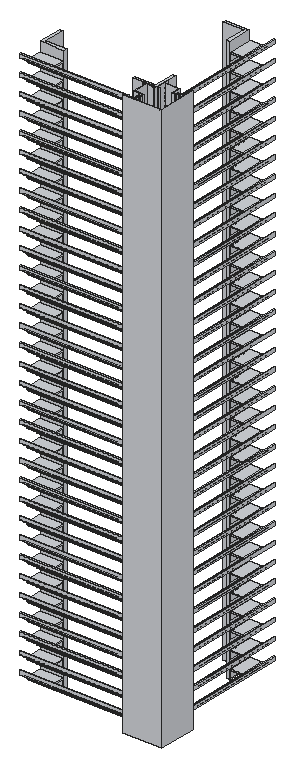
Revit family "ES-EL-2 (Box Corner)", category Mechanical Equipment, Revit 2015 (continued)
Automatic sketch dimensions
  Extrusion 11 sketch curve to Extrusion 11 sketch curve = 0' - 0.01694"
  Extrusion 11 sketch curve to Extrusion 11 sketch curve = 0' - 0.06256"
  Extrusion 11 sketch curve to Extrusion 11 sketch curve = 0' - 0.06379"
  Extrusion 11 sketch curve to Extrusion 11 sketch curve = 0' - 0.06947"
  Extrusion 11 sketch curve to Extrusion 11 sketch curve = 0' - 0.00615"
  Extrusion 11 sketch curve to Extrusion 11 sketch curve = 0' - 0.0107"
  Extrusion 11 sketch curve to Extrusion 11 sketch curve = 0' - 0.06383"
  Extrusion 11 sketch curve to Extrusion 11 sketch curve = 0' - 0.00524"
  Extrusion 11 sketch curve to Extrusion 11 sketch curve = 0' - 0.05333"
  Extrusion 11 sketch curve to Extrusion 11 sketch curve = 0' - 0.02167"
  Extrusion 11 sketch curve to Extrusion 11 sketch curve = 0' - 0.06255"
  Extrusion 11 sketch curve to Extrusion 11 sketch curve = 0' - 0.01996"
  Extrusion 11 sketch curve to Extrusion 11 sketch curve = 0' - 0.07389"
  Extrusion 11 sketch curve to Extrusion 11 sketch curve = 0' - 0.08882"
  Extrusion 11 sketch curve to Extrusion 11 sketch curve = 0' - 0.14048"
  Extrusion 11 sketch curve to Extrusion 11 sketch curve = 0' - 0.13587"
  Extrusion 11 sketch curve to Extrusion 11 sketch curve = 0' - 0.03118"
  Extrusion 11 sketch curve to Extrusion 11 sketch curve = 0' - 0.07571"
  Extrusion 11 sketch curve to Extrusion 11 sketch curve = 0' - 0.01536"
  Extrusion 11 sketch curve to Extrusion 11 sketch curve = 0' - 0.04056"
  Extrusion 11 sketch curve to Extrusion 11 sketch curve = 0' - 0.01509"
  Extrusion 11 sketch curve to Extrusion 11 sketch curve = 0' - 0.03469"
  Extrusion 11 sketch curve to Extrusion 11 sketch curve = 0' - 0.06126"
  Extrusion 11 sketch curve to Extrusion 11 sketch curve = 0' - 0.11488"
  Extrusion 11 sketch curve to Extrusion 11 sketch curve = 0' - 0.04313"
  Extrusion 11 sketch curve to Extrusion 11 sketch curve = 0' - 0.03758"
  Extrusion 11 sketch curve to Extrusion 11 sketch curve = 0' - 0.00683"
  Extrusion 11 sketch curve to Extrusion 11 sketch curve = 0' - 0.05466"
  Extrusion 11 sketch curve to Extrusion 11 sketch curve = 0' - 0.08634"
  Extrusion 11 sketch curve to Extrusion 11 sketch curve = 0' - 0.0603"
  Extrusion 11 sketch curve to Extrusion 11 sketch curve = 0' - 0.05923"
  Extrusion 11 sketch curve to Extrusion 11 sketch curve = 0' - 0.03824"
  Extrusion 11 sketch curve to Extrusion 11 sketch curve = 0' - 0.02856"
  Extrusion 11 sketch curve to Extrusion 11 sketch curve = 0' - 0.01716"
  Extrusion 11 sketch curve to Extrusion 11 sketch curve = 0' - 0.08747"
  Extrusion 11 sketch curve to Extrusion 11 sketch curve = 0' - 0.01878"
  Extrusion 11 sketch curve to Extrusion 11 sketch curve = 0' - 0.03113"
  Extrusion 11 sketch curve to Extrusion 11 sketch curve = 0' - 0.06323"
  Extrusion 11 sketch curve to Extrusion 11 sketch curve = 0' - 0.04564"
  Extrusion 11 sketch curve to Extrusion 11 sketch curve = 0' - 0.03681"
  Extrusion 11 sketch curve to Extrusion 11 sketch curve = 0' - 0.00656"
  Extrusion 11 sketch curve to Extrusion 11 sketch curve = 0' - 0.04106"
  Extrusion 11 sketch curve to Extrusion 11 sketch curve = 0' - 0.04775"
  Extrusion 11 sketch curve to Extrusion 11 sketch curve = 0' - 0.03768"
  Extrusion 11 sketch curve to Extrusion 11 sketch curve = 0' - 0.03841"
  Extrusion 11 sketch curve to Extrusion 11 sketch curve = 0' - 0.03993"
  Extrusion 11 sketch curve to Extrusion 11 sketch curve = 0' - 0.01637"
  Extrusion 11 sketch curve to Extrusion 11 sketch curve = 0' - 0 1/8"
  Extrusion 11 sketch curve to Extrusion 11 sketch curve = 0' - 0.03201"
  Extrusion 11 sketch curve to Extrusion 11 sketch curve = 0' - 0.01218"
  Extrusion 11 sketch curve to Extrusion 11 sketch curve = 0' - 0.00093"
  Extrusion 11 sketch curve to Extrusion 11 sketch curve = 0' - 0.06293"
  Extrusion 11 sketch curve to Extrusion 11 sketch curve = 0' - 0.01359"
  Extrusion 11 sketch curve to Extrusion 11 sketch curve = 0' - 0.06169"
  Extrusion 11 sketch curve to Extrusion 11 sketch curve = 0' - 0.06257"
  Extrusion 11 sketch curve to Extrusion 11 sketch curve = 0' - 0.20021"
  Extrusion 11 sketch curve to Extrusion 11 sketch curve = 0' - 0.05817"
  Extrusion 11 sketch curve to Extrusion 11 sketch curve = 0' - 0.14616"
  Extrusion 11 sketch curve to Extrusion 11 sketch curve = 0' - 0.28177"
  Extrusion 11 sketch curve to Extrusion 11 sketch curve = 0' - 0.11395"
  Extrusion 11 sketch curve to Extrusion 11 sketch curve = 0' - 0.02803"
  Extrusion 11 sketch curve to Extrusion 11 sketch curve = 0' - 0.04285"
  Extrusion 11 sketch curve to Extrusion 11 sketch curve = 0' - 0.05082"
  Extrusion 11 sketch curve to Extrusion 11 sketch curve = 0' - 0.04592"
  Extrusion 11 sketch curve to Extrusion 11 sketch curve = 0' - 0.05616"
  Extrusion 11 sketch curve to Extrusion 11 sketch curve = 0' - 0.04871"
  Extrusion 12 sketch curve to Extrusion 12 sketch curve = 0' - 0.059"
  Extrusion 12 sketch curve to Extrusion 12 sketch curve = 0' - 0.09455"
  Extrusion 12 sketch curve to Extrusion 12 sketch curve = 0' - 0.16713"
  Extrusion 12 sketch curve to Extrusion 12 sketch curve = 0' - 0.10396"
  Extrusion 12 sketch curve to Extrusion 12 sketch curve = 0' - 0.04188"
  Extrusion 12 sketch curve to Extrusion 12 sketch curve = 0' - 0.07328"
  Extrusion 12 sketch curve to Extrusion 12 sketch curve = 0' - 0.03705"
  Extrusion 12 sketch curve to Extrusion 12 sketch curve = 0' - 0.06678"
  Extrusion 12 sketch curve to Extrusion 12 sketch curve = 0' - 0.03441"
  Extrusion 12 sketch curve to Extrusion 12 sketch curve = 0' - 0.08971"
  Extrusion 12 sketch curve to Extrusion 12 sketch curve = 0' - 0.06591"
  Extrusion 12 sketch curve to Extrusion 12 sketch curve = 0' - 0.02101"
  Extrusion 12 sketch curve to Extrusion 12 sketch curve = 0' - 0.08093"
  Extrusion 12 sketch curve to Extrusion 12 sketch curve = 0' - 0.0092"
  Extrusion 12 sketch curve to Extrusion 12 sketch curve = 0' - 0.0249"
  Extrusion 12 sketch curve to Extrusion 12 sketch curve = 0' - 0.04679"
  Extrusion 12 sketch curve to Extrusion 12 sketch curve = 0' - 0.04475"
  Extrusion 12 sketch curve to Extrusion 12 sketch curve = 0' - 0.03472"
  Extrusion 12 sketch curve to Extrusion 12 sketch curve = 0' - 0.04794"
  Extrusion 12 sketch curve to Extrusion 12 sketch curve = 0' - 0.09251"
  Extrusion 12 sketch curve to Extrusion 12 sketch curve = 0' - 0.01641"
  Extrusion 12 sketch curve to Extrusion 12 sketch curve = 0' - 0.10787"
  Extrusion 12 sketch curve to Extrusion 12 sketch curve = 0' - 0.07052"
  Extrusion 12 sketch curve to Extrusion 12 sketch curve = 0' - 0.02971"
  Extrusion 12 sketch curve to Extrusion 12 sketch curve = 0' - 0.03652"
  Extrusion 12 sketch curve to Extrusion 12 sketch curve = 0' - 0.06407"
  Extrusion 12 sketch curve to Extrusion 12 sketch curve = 0' - 0.0028"
  Extrusion 12 sketch curve to Extrusion 12 sketch curve = 0' - 0.17908"
  Extrusion 12 sketch curve to Extrusion 12 sketch curve = 0' - 0.0484"
  Extrusion 12 sketch curve to Extrusion 12 sketch curve = 0' - 0.00685"
  Extrusion 12 sketch curve to Extrusion 12 sketch curve = 0' - 0.02635"
  Extrusion 12 sketch curve to Extrusion 12 sketch curve = 0' - 0.03989"
  Extrusion 12 sketch curve to Extrusion 12 sketch curve = 0' - 0.07851"
  Extrusion 12 sketch curve to Extrusion 12 sketch curve = 0' - 0.04274"
  Extrusion 12 sketch curve to Extrusion 12 sketch curve = 0' - 0.05351"
  Extrusion 12 sketch curve to Extrusion 12 sketch curve = 0' - 0.13725"
  Extrusion 12 sketch curve to Extrusion 12 sketch curve = 0' - 0.01694"
  Extrusion 12 sketch curve to Extrusion 12 sketch curve = 0' - 0.06256"
  Extrusion 12 sketch curve to Extrusion 12 sketch curve = 0' - 0.06379"
  Extrusion 12 sketch curve to Extrusion 12 sketch curve = 0' - 0.06947"
  Extrusion 12 sketch curve to Extrusion 12 sketch curve = 0' - 0.00615"
  Extrusion 12 sketch curve to Extrusion 12 sketch curve = 0' - 0.0107"
  Extrusion 12 sketch curve to Extrusion 12 sketch curve = 0' - 0.06383"
  Extrusion 12 sketch curve to Extrusion 12 sketch curve = 0' - 0.00524"
  Extrusion 12 sketch curve to Extrusion 12 sketch curve = 0' - 0.05333"
  Extrusion 12 sketch curve to Extrusion 12 sketch curve = 0' - 0.02167"
  Extrusion 12 sketch curve to Extrusion 12 sketch curve = 0' - 0.06255"
  Extrusion 12 sketch curve to Extrusion 12 sketch curve = 0' - 0.01996"
  Extrusion 12 sketch curve to Extrusion 12 sketch curve = 0' - 0.07389"
  Extrusion 12 sketch curve to Extrusion 12 sketch curve = 0' - 0.08882"
  Extrusion 12 sketch curve to Extrusion 12 sketch curve = 0' - 0.14048"
  Extrusion 12 sketch curve to Extrusion 12 sketch curve = 0' - 0.13587"
  Extrusion 12 sketch curve to Extrusion 12 sketch curve = 0' - 0.03118"
  Extrusion 12 sketch curve to Extrusion 12 sketch curve = 0' - 0.07571"
  Extrusion 12 sketch curve to Extrusion 12 sketch curve = 0' - 0.01536"
  Extrusion 12 sketch curve to Extrusion 12 sketch curve = 0' - 0.04056"
  Extrusion 12 sketch curve to Extrusion 12 sketch curve = 0' - 0.01509"
  Extrusion 12 sketch curve to Extrusion 12 sketch curve = 0' - 0.03469"
  Extrusion 12 sketch curve to Extrusion 12 sketch curve = 0' - 0.06126"
  Extrusion 12 sketch curve to Extrusion 12 sketch curve = 0' - 0.11488"
  Extrusion 12 sketch curve to Extrusion 12 sketch curve = 0' - 0.04313"
  Extrusion 12 sketch curve to Extrusion 12 sketch curve = 0' - 0.03758"
  Extrusion 12 sketch curve to Extrusion 12 sketch curve = 0' - 0.00683"
  Extrusion 12 sketch curve to Extrusion 12 sketch curve = 0' - 0.05466"
  Extrusion 12 sketch curve to Extrusion 12 sketch curve = 0' - 0.08634"
  Extrusion 12 sketch curve to Extrusion 12 sketch curve = 0' - 0.0603"
  Extrusion 12 sketch curve to Extrusion 12 sketch curve = 0' - 0.05923"
  Extrusion 12 sketch curve to Extrusion 12 sketch curve = 0' - 0.03824"
  Extrusion 12 sketch curve to Extrusion 12 sketch curve = 0' - 0.02856"
  Extrusion 12 sketch curve to Extrusion 12 sketch curve = 0' - 0.01716"
  Extrusion 12 sketch curve to Extrusion 12 sketch curve = 0' - 0.08747"
  Extrusion 12 sketch curve to Extrusion 12 sketch curve = 0' - 0.01878"
  Extrusion 12 sketch curve to Extrusion 12 sketch curve = 0' - 0.03113"
  Extrusion 12 sketch curve to Extrusion 12 sketch curve = 0' - 0.06323"
  Extrusion 12 sketch curve to Extrusion 12 sketch curve = 0' - 0.04564"
  Extrusion 12 sketch curve to Extrusion 12 sketch curve = 0' - 0.03681"
  Extrusion 12 sketch curve to Extrusion 12 sketch curve = 0' - 0.00656"
  Extrusion 12 sketch curve to Extrusion 12 sketch curve = 0' - 0.04106"
  Extrusion 12 sketch curve to Extrusion 12 sketch curve = 0' - 0.04775"
  Extrusion 12 sketch curve to Extrusion 12 sketch curve = 0' - 0.03768"
  Extrusion 12 sketch curve to Extrusion 12 sketch curve = 0' - 0.03841"
  Extrusion 12 sketch curve to Extrusion 12 sketch curve = 0' - 0.03993"
  Extrusion 12 sketch curve to Extrusion 12 sketch curve = 0' - 0.01637"
  Extrusion 12 sketch curve to Extrusion 12 sketch curve = 0' - 0 1/8"
  Extrusion 12 sketch curve to Extrusion 12 sketch curve = 0' - 0.03201"
  Extrusion 12 sketch curve to Extrusion 12 sketch curve = 0' - 0.01218"
  Extrusion 12 sketch curve to Extrusion 12 sketch curve = 0' - 0.00093"
  Extrusion 12 sketch curve to Extrusion 12 sketch curve = 0' - 0.06293"
  Extrusion 12 sketch curve to Extrusion 12 sketch curve = 0' - 0.01359"
  Extrusion 12 sketch curve to Extrusion 12 sketch curve = 0' - 0.06169"
  Extrusion 12 sketch curve to Extrusion 12 sketch curve = 0' - 0.06257"
  Extrusion 12 sketch curve to Extrusion 12 sketch curve = 0' - 0.20021"
  Extrusion 12 sketch curve to Extrusion 12 sketch curve = 0' - 0.05817"
  Extrusion 12 sketch curve to Extrusion 12 sketch curve = 0' - 0.14616"
  Extrusion 12 sketch curve to Extrusion 12 sketch curve = 0' - 0.28177"
  Extrusion 12 sketch curve to Extrusion 12 sketch curve = 0' - 0.11395"
  Extrusion 12 sketch curve to Extrusion 12 sketch curve = 0' - 0.02803"
  Extrusion 12 sketch curve to Extrusion 12 sketch curve = 0' - 0.04285"
  Extrusion 12 sketch curve to Extrusion 12 sketch curve = 0' - 0.05082"
  Extrusion 12 sketch curve to Extrusion 12 sketch curve = 0' - 0.04592"
  Extrusion 12 sketch curve to Extrusion 12 sketch curve = 0' - 0.05616"
  Extrusion 12 sketch curve to Extrusion 12 sketch curve = 0' - 0.04871"
  Extrusion 13 sketch curve to Extrusion 13 sketch curve = 0' - 0.059"
  Extrusion 13 sketch curve to Extrusion 13 sketch curve = 0' - 0.09455"
  Extrusion 13 sketch curve to Extrusion 13 sketch curve = 0' - 0.16713"
  Extrusion 13 sketch curve to Extrusion 13 sketch curve = 0' - 0.10396"
  Extrusion 13 sketch curve to Extrusion 13 sketch curve = 0' - 0.04188"
  Extrusion 13 sketch curve to Extrusion 13 sketch curve = 0' - 0.07328"
  Extrusion 13 sketch curve to Extrusion 13 sketch curve = 0' - 0.03705"
  Extrusion 13 sketch curve to Extrusion 13 sketch curve = 0' - 0.06678"
  Extrusion 13 sketch curve to Extrusion 13 sketch curve = 0' - 0.03441"
  Extrusion 13 sketch curve to Extrusion 13 sketch curve = 0' - 0.08971"
  Extrusion 13 sketch curve to Extrusion 13 sketch curve = 0' - 0.06591"
  Extrusion 13 sketch curve to Extrusion 13 sketch curve = 0' - 0.02101"
  Extrusion 13 sketch curve to Extrusion 13 sketch curve = 0' - 0.08093"
  Extrusion 13 sketch curve to Extrusion 13 sketch curve = 0' - 0.0092"
  Extrusion 13 sketch curve to Extrusion 13 sketch curve = 0' - 0.0249"
  Extrusion 13 sketch curve to Extrusion 13 sketch curve = 0' - 0.04679"
  Extrusion 13 sketch curve to Extrusion 13 sketch curve = 0' - 0.04475"
  Extrusion 13 sketch curve to Extrusion 13 sketch curve = 0' - 0.03472"
  Extrusion 13 sketch curve to Extrusion 13 sketch curve = 0' - 0.04794"
  Extrusion 13 sketch curve to Extrusion 13 sketch curve = 0' - 0.09251"
  Extrusion 13 sketch curve to Extrusion 13 sketch curve = 0' - 0.01641"
  Extrusion 13 sketch curve to Extrusion 13 sketch curve = 0' - 0.10787"
  Extrusion 13 sketch curve to Extrusion 13 sketch curve = 0' - 0.07052"
  Extrusion 13 sketch curve to Extrusion 13 sketch curve = 0' - 0.02971"
  Extrusion 13 sketch curve to Extrusion 13 sketch curve = 0' - 0.03652"
  Extrusion 13 sketch curve to Extrusion 13 sketch curve = 0' - 0.06407"
  Extrusion 13 sketch curve to Extrusion 13 sketch curve = 0' - 0.0028"
  Extrusion 13 sketch curve to Extrusion 13 sketch curve = 0' - 0.17908"
  Extrusion 13 sketch curve to Extrusion 13 sketch curve = 0' - 0.0484"
  Extrusion 13 sketch curve to Extrusion 13 sketch curve = 0' - 0.00685"
  Extrusion 13 sketch curve to Extrusion 13 sketch curve = 0' - 0.02635"
  Extrusion 13 sketch curve to Extrusion 13 sketch curve = 0' - 0.03989"
  Extrusion 13 sketch curve to Extrusion 13 sketch curve = 0' - 0.07851"
  Extrusion 13 sketch curve to Extrusion 13 sketch curve = 0' - 0.04274"
  Extrusion 13 sketch curve to Extrusion 13 sketch curve = 0' - 0.05351"
  Extrusion 13 sketch curve to Extrusion 13 sketch curve = 0' - 0.13725"
  Extrusion 13 sketch curve to Extrusion 13 sketch curve = 0' - 0.01694"
  Extrusion 13 sketch curve to Extrusion 13 sketch curve = 0' - 0.06256"
  Extrusion 13 sketch curve to Extrusion 13 sketch curve = 0' - 0.06379"
  Extrusion 13 sketch curve to Extrusion 13 sketch curve = 0' - 0.06947"
  Extrusion 13 sketch curve to Extrusion 13 sketch curve = 0' - 0.00615"
  Extrusion 13 sketch curve to Extrusion 13 sketch curve = 0' - 0.0107"
  Extrusion 13 sketch curve to Extrusion 13 sketch curve = 0' - 0.06383"
  Extrusion 13 sketch curve to Extrusion 13 sketch curve = 0' - 0.00524"
  Extrusion 13 sketch curve to Extrusion 13 sketch curve = 0' - 0.05333"
  Extrusion 13 sketch curve to Extrusion 13 sketch curve = 0' - 0.02167"
  Extrusion 13 sketch curve to Extrusion 13 sketch curve = 0' - 0.06255"
  Extrusion 13 sketch curve to Extrusion 13 sketch curve = 0' - 0.01996"
  Extrusion 13 sketch curve to Extrusion 13 sketch curve = 0' - 0.07389"
  Extrusion 13 sketch curve to Extrusion 13 sketch curve = 0' - 0.08882"
  Extrusion 13 sketch curve to Extrusion 13 sketch curve = 0' - 0.14048"
  Extrusion 13 sketch curve to Extrusion 13 sketch curve = 0' - 0.13587"
  Extrusion 13 sketch curve to Extrusion 13 sketch curve = 0' - 0.03118"
  Extrusion 13 sketch curve to Extrusion 13 sketch curve = 0' - 0.07571"
  Extrusion 13 sketch curve to Extrusion 13 sketch curve = 0' - 0.01536"
  Extrusion 13 sketch curve to Extrusion 13 sketch curve = 0' - 0.04056"
  Extrusion 13 sketch curve to Extrusion 13 sketch curve = 0' - 0.01509"
  Extrusion 13 sketch curve to Extrusion 13 sketch curve = 0' - 0.03469"
  Extrusion 13 sketch curve to Extrusion 13 sketch curve = 0' - 0.06126"
  Extrusion 13 sketch curve to Extrusion 13 sketch curve = 0' - 0.11488"
  Extrusion 13 sketch curve to Extrusion 13 sketch curve = 0' - 0.04313"
  Extrusion 13 sketch curve to Extrusion 13 sketch curve = 0' - 0.03758"
  Extrusion 13 sketch curve to Extrusion 13 sketch curve = 0' - 0.00683"
  Extrusion 13 sketch curve to Extrusion 13 sketch curve = 0' - 0.05466"
  Extrusion 13 sketch curve to Extrusion 13 sketch curve = 0' - 0.08634"
  Extrusion 13 sketch curve to Extrusion 13 sketch curve = 0' - 0.0603"
  Extrusion 13 sketch curve to Extrusion 13 sketch curve = 0' - 0.05923"
  Extrusion 13 sketch curve to Extrusion 13 sketch curve = 0' - 0.03824"
  Extrusion 13 sketch curve to Extrusion 13 sketch curve = 0' - 0.02856"
  Extrusion 13 sketch curve to Extrusion 13 sketch curve = 0' - 0.01716"
  Extrusion 13 sketch curve to Extrusion 13 sketch curve = 0' - 0.08747"
  Extrusion 13 sketch curve to Extrusion 13 sketch curve = 0' - 0.01878"
  Extrusion 13 sketch curve to Extrusion 13 sketch curve = 0' - 0.03113"
  Extrusion 13 sketch curve to Extrusion 13 sketch curve = 0' - 0.06323"
  Extrusion 13 sketch curve to Extrusion 13 sketch curve = 0' - 0.04564"
  Extrusion 13 sketch curve to Extrusion 13 sketch curve = 0' - 0.03681"
  Extrusion 13 sketch curve to Extrusion 13 sketch curve = 0' - 0.00656"
  Extrusion 13 sketch curve to Extrusion 13 sketch curve = 0' - 0.04106"
  Extrusion 13 sketch curve to Extrusion 13 sketch curve = 0' - 0.04775"
  Extrusion 13 sketch curve to Extrusion 13 sketch curve = 0' - 0.03768"
  Extrusion 13 sketch curve to Extrusion 13 sketch curve = 0' - 0.03841"
  Extrusion 13 sketch curve to Extrusion 13 sketch curve = 0' - 0.03993"
  Extrusion 13 sketch curve to Extrusion 13 sketch curve = 0' - 0.01637"
  Extrusion 13 sketch curve to Extrusion 13 sketch curve = 0' - 0 1/8"
  Extrusion 13 sketch curve to Extrusion 13 sketch curve = 0' - 0.03201"
  Extrusion 13 sketch curve to Extrusion 13 sketch curve = 0' - 0.01218"
  Extrusion 13 sketch curve to Extrusion 13 sketch curve = 0' - 0.00093"
  Extrusion 13 sketch curve to Extrusion 13 sketch curve = 0' - 0.06293"
  Extrusion 13 sketch curve to Extrusion 13 sketch curve = 0' - 0.01359"
  Extrusion 13 sketch curve to Extrusion 13 sketch curve = 0' - 0.06169"
  Extrusion 13 sketch curve to Extrusion 13 sketch curve = 0' - 0.06257"
  Extrusion 13 sketch curve to Extrusion 13 sketch curve = 0' - 0.20021"
  Extrusion 13 sketch curve to Extrusion 13 sketch curve = 0' - 0.05817"
  Extrusion 13 sketch curve to Extrusion 13 sketch curve = 0' - 0.14616"
  Extrusion 13 sketch curve to Extrusion 13 sketch curve = 0' - 0.28177"
  Extrusion 13 sketch curve to Extrusion 13 sketch curve = 0' - 0.11395"
  Extrusion 13 sketch curve to Extrusion 13 sketch curve = 0' - 0.02803"
  Extrusion 13 sketch curve to Extrusion 13 sketch curve = 0' - 0.04285"
  Extrusion 13 sketch curve to Extrusion 13 sketch curve = 0' - 0.05082"
  Extrusion 13 sketch curve to Extrusion 13 sketch curve = 0' - 0.04592"
  Extrusion 13 sketch curve to Extrusion 13 sketch curve = 0' - 0.05616"
  Extrusion 13 sketch curve to Extrusion 13 sketch curve = 0' - 0.04871"
  Extrusion 14 sketch curve to Extrusion 14 sketch curve = 0' - 0.059"
  Extrusion 14 sketch curve to Extrusion 14 sketch curve = 0' - 0.09455"
  Extrusion 14 sketch curve to Extrusion 14 sketch curve = 0' - 0.16713"
  Extrusion 14 sketch curve to Extrusion 14 sketch curve = 0' - 0.10396"
  Extrusion 14 sketch curve to Extrusion 14 sketch curve = 0' - 0.04188"
  Extrusion 14 sketch curve to Extrusion 14 sketch curve = 0' - 0.07328"
  Extrusion 14 sketch curve to Extrusion 14 sketch curve = 0' - 0.03705"
  Extrusion 14 sketch curve to Extrusion 14 sketch curve = 0' - 0.06678"
  Extrusion 14 sketch curve to Extrusion 14 sketch curve = 0' - 0.03441"
  Extrusion 14 sketch curve to Extrusion 14 sketch curve = 0' - 0.08971"
  Extrusion 14 sketch curve to Extrusion 14 sketch curve = 0' - 0.06591"
  Extrusion 14 sketch curve to Extrusion 14 sketch curve = 0' - 0.02101"
  Extrusion 14 sketch curve to Extrusion 14 sketch curve = 0' - 0.08093"
  Extrusion 14 sketch curve to Extrusion 14 sketch curve = 0' - 0.0092"
  Extrusion 14 sketch curve to Extrusion 14 sketch curve = 0' - 0.0249"
  Extrusion 14 sketch curve to Extrusion 14 sketch curve = 0' - 0.04679"
  Extrusion 14 sketch curve to Extrusion 14 sketch curve = 0' - 0.04475"
  Extrusion 14 sketch curve to Extrusion 14 sketch curve = 0' - 0.03472"
  Extrusion 14 sketch curve to Extrusion 14 sketch curve = 0' - 0.04794"
  Extrusion 14 sketch curve to Extrusion 14 sketch curve = 0' - 0.09251"
  Extrusion 14 sketch curve to Extrusion 14 sketch curve = 0' - 0.01641"
  Extrusion 14 sketch curve to Extrusion 14 sketch curve = 0' - 0.10787"
  Extrusion 14 sketch curve to Extrusion 14 sketch curve = 0' - 0.07052"
  Extrusion 14 sketch curve to Extrusion 14 sketch curve = 0' - 0.02971"
  Extrusion 14 sketch curve to Extrusion 14 sketch curve = 0' - 0.03652"
  Extrusion 14 sketch curve to Extrusion 14 sketch curve = 0' - 0.06407"
  Extrusion 14 sketch curve to Extrusion 14 sketch curve = 0' - 0.0028"
  Extrusion 14 sketch curve to Extrusion 14 sketch curve = 0' - 0.17908"
  Extrusion 14 sketch curve to Extrusion 14 sketch curve = 0' - 0.0484"
  Extrusion 14 sketch curve to Extrusion 14 sketch curve = 0' - 0.00685"
  Extrusion 14 sketch curve to Extrusion 14 sketch curve = 0' - 0.02635"
  Extrusion 14 sketch curve to Extrusion 14 sketch curve = 0' - 0.03989"
  Extrusion 14 sketch curve to Extrusion 14 sketch curve = 0' - 0.07851"
  Extrusion 14 sketch curve to Extrusion 14 sketch curve = 0' - 0.04274"
  Extrusion 14 sketch curve to Extrusion 14 sketch curve = 0' - 0.05351"
  Extrusion 14 sketch curve to Extrusion 14 sketch curve = 0' - 0.13725"
  Extrusion 14 sketch curve to Extrusion 14 sketch curve = 0' - 0.01694"
  Extrusion 14 sketch curve to Extrusion 14 sketch curve = 0' - 0.06256"
  Extrusion 14 sketch curve to Extrusion 14 sketch curve = 0' - 0.06379"
  Extrusion 14 sketch curve to Extrusion 14 sketch curve = 0' - 0.06947"
  Extrusion 14 sketch curve to Extrusion 14 sketch curve = 0' - 0.00615"
  Extrusion 14 sketch curve to Extrusion 14 sketch curve = 0' - 0.0107"
  Extrusion 14 sketch curve to Extrusion 14 sketch curve = 0' - 0.06383"
  Extrusion 14 sketch curve to Extrusion 14 sketch curve = 0' - 0.00524"
  Extrusion 14 sketch curve to Extrusion 14 sketch curve = 0' - 0.05333"
  Extrusion 14 sketch curve to Extrusion 14 sketch curve = 0' - 0.02167"
  Extrusion 14 sketch curve to Extrusion 14 sketch curve = 0' - 0.06255"
  Extrusion 14 sketch curve to Extrusion 14 sketch curve = 0' - 0.01996"
  Extrusion 14 sketch curve to Extrusion 14 sketch curve = 0' - 0.07389"
  Extrusion 14 sketch curve to Extrusion 14 sketch curve = 0' - 0.08882"
  Extrusion 14 sketch curve to Extrusion 14 sketch curve = 0' - 0.14048"
  Extrusion 14 sketch curve to Extrusion 14 sketch curve = 0' - 0.13587"
  Extrusion 14 sketch curve to Extrusion 14 sketch curve = 0' - 0.03118"
  Extrusion 14 sketch curve to Extrusion 14 sketch curve = 0' - 0.07571"
  Extrusion 14 sketch curve to Extrusion 14 sketch curve = 0' - 0.01536"
  Extrusion 14 sketch curve to Extrusion 14 sketch curve = 0' - 0.04056"
  Extrusion 14 sketch curve to Extrusion 14 sketch curve = 0' - 0.01509"
  Extrusion 14 sketch curve to Extrusion 14 sketch curve = 0' - 0.03469"
  Extrusion 14 sketch curve to Extrusion 14 sketch curve = 0' - 0.06126"
  Extrusion 14 sketch curve to Extrusion 14 sketch curve = 0' - 0.11488"
  Extrusion 14 sketch curve to Extrusion 14 sketch curve = 0' - 0.04313"
  Extrusion 14 sketch curve to Extrusion 14 sketch curve = 0' - 0.03758"
  Extrusion 14 sketch curve to Extrusion 14 sketch curve = 0' - 0.00683"
  Extrusion 14 sketch curve to Extrusion 14 sketch curve = 0' - 0.05466"
  Extrusion 14 sketch curve to Extrusion 14 sketch curve = 0' - 0.08634"
  Extrusion 14 sketch curve to Extrusion 14 sketch curve = 0' - 0.0603"
  Extrusion 14 sketch curve to Extrusion 14 sketch curve = 0' - 0.05923"
  Extrusion 14 sketch curve to Extrusion 14 sketch curve = 0' - 0.03824"
  Extrusion 14 sketch curve to Extrusion 14 sketch curve = 0' - 0.02856"
  Extrusion 14 sketch curve to Extrusion 14 sketch curve = 0' - 0.01716"
  Extrusion 14 sketch curve to Extrusion 14 sketch curve = 0' - 0.08747"
  Extrusion 14 sketch curve to Extrusion 14 sketch curve = 0' - 0.01878"
  Extrusion 14 sketch curve to Extrusion 14 sketch curve = 0' - 0.03113"
  Extrusion 14 sketch curve to Extrusion 14 sketch curve = 0' - 0.06323"
  Extrusion 14 sketch curve to Extrusion 14 sketch curve = 0' - 0.04564"
  Extrusion 14 sketch curve to Extrusion 14 sketch curve = 0' - 0.03681"
  Extrusion 14 sketch curve to Extrusion 14 sketch curve = 0' - 0.00656"
  Extrusion 14 sketch curve to Extrusion 14 sketch curve = 0' - 0.04106"
  Extrusion 14 sketch curve to Extrusion 14 sketch curve = 0' - 0.04775"
  Extrusion 14 sketch curve to Extrusion 14 sketch curve = 0' - 0.03768"
  Extrusion 14 sketch curve to Extrusion 14 sketch curve = 0' - 0.03841"
  Extrusion 14 sketch curve to Extrusion 14 sketch curve = 0' - 0.03993"
  Extrusion 14 sketch curve to Extrusion 14 sketch curve = 0' - 0.01637"
  Extrusion 14 sketch curve to Extrusion 14 sketch curve = 0' - 0 1/8"
  Extrusion 14 sketch curve to Extrusion 14 sketch curve = 0' - 0.03201"
  Extrusion 14 sketch curve to Extrusion 14 sketch curve = 0' - 0.01218"
  Extrusion 14 sketch curve to Extrusion 14 sketch curve = 0' - 0.00093"
  Extrusion 14 sketch curve to Extrusion 14 sketch curve = 0' - 0.06293"
  Extrusion 14 sketch curve to Extrusion 14 sketch curve = 0' - 0.01359"
  Extrusion 14 sketch curve to Extrusion 14 sketch curve = 0' - 0.06169"
  Extrusion 14 sketch curve to Extrusion 14 sketch curve = 0' - 0.06257"
  Extrusion 14 sketch curve to Extrusion 14 sketch curve = 0' - 0.20021"
  Extrusion 14 sketch curve to Extrusion 14 sketch curve = 0' - 0.05817"
  Extrusion 14 sketch curve to Extrusion 14 sketch curve = 0' - 0.14616"
  Extrusion 14 sketch curve to Extrusion 14 sketch curve = 0' - 0.28177"
  Extrusion 14 sketch curve to Extrusion 14 sketch curve = 0' - 0.11395"
  Extrusion 14 sketch curve to Extrusion 14 sketch curve = 0' - 0.02803"
  Extrusion 14 sketch curve to Extrusion 14 sketch curve = 0' - 0.04285"
  Extrusion 14 sketch curve to Extrusion 14 sketch curve = 0' - 0.05082"
  Extrusion 14 sketch curve to Extrusion 14 sketch curve = 0' - 0.04592"
  Extrusion 14 sketch curve to Extrusion 14 sketch curve = 0' - 0.05616"
  Extrusion 14 sketch curve to Extrusion 14 sketch curve = 0' - 0.04871"
  Extrusion 15 sketch curve to Extrusion 15 sketch curve = 0' - 0.059"
  Extrusion 15 sketch curve to Extrusion 15 sketch curve = 0' - 0.09455"
  Extrusion 15 sketch curve to Extrusion 15 sketch curve = 0' - 0.16713"
  Extrusion 15 sketch curve to Extrusion 15 sketch curve = 0' - 0.10396"
  Extrusion 15 sketch curve to Extrusion 15 sketch curve = 0' - 0.04188"
  Extrusion 15 sketch curve to Extrusion 15 sketch curve = 0' - 0.07328"
  Extrusion 15 sketch curve to Extrusion 15 sketch curve = 0' - 0.03705"
  Extrusion 15 sketch curve to Extrusion 15 sketch curve = 0' - 0.06678"
  Extrusion 15 sketch curve to Extrusion 15 sketch curve = 0' - 0.03441"
  Extrusion 15 sketch curve to Extrusion 15 sketch curve = 0' - 0.08971"
  Extrusion 15 sketch curve to Extrusion 15 sketch curve = 0' - 0.06591"
  Extrusion 15 sketch curve to Extrusion 15 sketch curve = 0' - 0.02101"
  Extrusion 15 sketch curve to Extrusion 15 sketch curve = 0' - 0.08093"
  Extrusion 15 sketch curve to Extrusion 15 sketch curve = 0' - 0.0092"
  Extrusion 15 sketch curve to Extrusion 15 sketch curve = 0' - 0.0249"
  Extrusion 15 sketch curve to Extrusion 15 sketch curve = 0' - 0.04679"
  Extrusion 15 sketch curve to Extrusion 15 sketch curve = 0' - 0.04475"
  Extrusion 15 sketch curve to Extrusion 15 sketch curve = 0' - 0.03472"
  Extrusion 15 sketch curve to Extrusion 15 sketch curve = 0' - 0.04794"
  Extrusion 15 sketch curve to Extrusion 15 sketch curve = 0' - 0.09251"
  Extrusion 15 sketch curve to Extrusion 15 sketch curve = 0' - 0.01641"
  Extrusion 15 sketch curve to Extrusion 15 sketch curve = 0' - 0.10787"
  Extrusion 15 sketch curve to Extrusion 15 sketch curve = 0' - 0.07052"
  Extrusion 15 sketch curve to Extrusion 15 sketch curve = 0' - 0.02971"
  Extrusion 15 sketch curve to Extrusion 15 sketch curve = 0' - 0.03652"
  Extrusion 15 sketch curve to Extrusion 15 sketch curve = 0' - 0.06407"
  Extrusion 15 sketch curve to Extrusion 15 sketch curve = 0' - 0.0028"
  Extrusion 15 sketch curve to Extrusion 15 sketch curve = 0' - 0.17908"
  Extrusion 15 sketch curve to Extrusion 15 sketch curve = 0' - 0.0484"
  Extrusion 15 sketch curve to Extrusion 15 sketch curve = 0' - 0.00685"
  Extrusion 15 sketch curve to Extrusion 15 sketch curve = 0' - 0.02635"
  Extrusion 15 sketch curve to Extrusion 15 sketch curve = 0' - 0.03989"
  Extrusion 15 sketch curve to Extrusion 15 sketch curve = 0' - 0.07851"
  Extrusion 15 sketch curve to Extrusion 15 sketch curve = 0' - 0.04274"
  Extrusion 15 sketch curve to Extrusion 15 sketch curve = 0' - 0.05351"
  Extrusion 15 sketch curve to Extrusion 15 sketch curve = 0' - 0.13725"
  Extrusion 15 sketch curve to Extrusion 15 sketch curve = 0' - 0.01694"
  Extrusion 15 sketch curve to Extrusion 15 sketch curve = 0' - 0.06256"
  Extrusion 15 sketch curve to Extrusion 15 sketch curve = 0' - 0.06379"
  Extrusion 15 sketch curve to Extrusion 15 sketch curve = 0' - 0.06947"
  Extrusion 15 sketch curve to Extrusion 15 sketch curve = 0' - 0.00615"
  Extrusion 15 sketch curve to Extrusion 15 sketch curve = 0' - 0.0107"
  Extrusion 15 sketch curve to Extrusion 15 sketch curve = 0' - 0.06383"
  Extrusion 15 sketch curve to Extrusion 15 sketch curve = 0' - 0.00524"
  Extrusion 15 sketch curve to Extrusion 15 sketch curve = 0' - 0.05333"
  Extrusion 15 sketch curve to Extrusion 15 sketch curve = 0' - 0.02167"
  Extrusion 15 sketch curve to Extrusion 15 sketch curve = 0' - 0.06255"
  Extrusion 15 sketch curve to Extrusion 15 sketch curve = 0' - 0.01996"
  Extrusion 15 sketch curve to Extrusion 15 sketch curve = 0' - 0.07389"
  Extrusion 15 sketch curve to Extrusion 15 sketch curve = 0' - 0.08882"
  Extrusion 15 sketch curve to Extrusion 15 sketch curve = 0' - 0.14048"
  Extrusion 15 sketch curve to Extrusion 15 sketch curve = 0' - 0.13587"
  Extrusion 15 sketch curve to Extrusion 15 sketch curve = 0' - 0.03118"
  Extrusion 15 sketch curve to Extrusion 15 sketch curve = 0' - 0.07571"
  Extrusion 15 sketch curve to Extrusion 15 sketch curve = 0' - 0.01536"
  Extrusion 15 sketch curve to Extrusion 15 sketch curve = 0' - 0.04056"
  Extrusion 15 sketch curve to Extrusion 15 sketch curve = 0' - 0.01509"
  Extrusion 15 sketch curve to Extrusion 15 sketch curve = 0' - 0.03469"
  Extrusion 15 sketch curve to Extrusion 15 sketch curve = 0' - 0.06126"
  Extrusion 15 sketch curve to Extrusion 15 sketch curve = 0' - 0.11488"
  Extrusion 15 sketch curve to Extrusion 15 sketch curve = 0' - 0.04313"
  Extrusion 15 sketch curve to Extrusion 15 sketch curve = 0' - 0.03758"
  Extrusion 15 sketch curve to Extrusion 15 sketch curve = 0' - 0.00683"
  Extrusion 15 sketch curve to Extrusion 15 sketch curve = 0' - 0.05466"
  Extrusion 15 sketch curve to Extrusion 15 sketch curve = 0' - 0.08634"
  Extrusion 15 sketch curve to Extrusion 15 sketch curve = 0' - 0.0603"
  Extrusion 15 sketch curve to Extrusion 15 sketch curve = 0' - 0.05923"
  Extrusion 15 sketch curve to Extrusion 15 sketch curve = 0' - 0.03824"
  Extrusion 15 sketch curve to Extrusion 15 sketch curve = 0' - 0.02856"
  Extrusion 15 sketch curve to Extrusion 15 sketch curve = 0' - 0.01716"
  Extrusion 15 sketch curve to Extrusion 15 sketch curve = 0' - 0.08747"
  Extrusion 15 sketch curve to Extrusion 15 sketch curve = 0' - 0.01878"
  Extrusion 15 sketch curve to Extrusion 15 sketch curve = 0' - 0.03113"
  Extrusion 15 sketch curve to Extrusion 15 sketch curve = 0' - 0.06323"
  Extrusion 15 sketch curve to Extrusion 15 sketch curve = 0' - 0.04564"
  Extrusion 15 sketch curve to Extrusion 15 sketch curve = 0' - 0.03681"
  Extrusion 15 sketch curve to Extrusion 15 sketch curve = 0' - 0.00656"
  Extrusion 15 sketch curve to Extrusion 15 sketch curve = 0' - 0.04106"
  Extrusion 15 sketch curve to Extrusion 15 sketch curve = 0' - 0.04775"
  Extrusion 15 sketch curve to Extrusion 15 sketch curve = 0' - 0.03768"
  Extrusion 15 sketch curve to Extrusion 15 sketch curve = 0' - 0.03841"
  Extrusion 15 sketch curve to Extrusion 15 sketch curve = 0' - 0.03993"
  Extrusion 15 sketch curve to Extrusion 15 sketch curve = 0' - 0.01637"
  Extrusion 15 sketch curve to Extrusion 15 sketch curve = 0' - 0 1/8"
  Extrusion 15 sketch curve to Extrusion 15 sketch curve = 0' - 0.03201"
  Extrusion 15 sketch curve to Extrusion 15 sketch curve = 0' - 0.01218"
  Extrusion 15 sketch curve to Extrusion 15 sketch curve = 0' - 0.00093"
  Extrusion 15 sketch curve to Extrusion 15 sketch curve = 0' - 0.06293"
  Extrusion 15 sketch curve to Extrusion 15 sketch curve = 0' - 0.01359"
  Extrusion 15 sketch curve to Extrusion 15 sketch curve = 0' - 0.06169"
  Extrusion 15 sketch curve to Extrusion 15 sketch curve = 0' - 0.06257"
  Extrusion 15 sketch curve to Extrusion 15 sketch curve = 0' - 0.20021"
  Extrusion 15 sketch curve to Extrusion 15 sketch curve = 0' - 0.05817"
  Extrusion 15 sketch curve to Extrusion 15 sketch curve = 0' - 0.14616"
  Extrusion 15 sketch curve to Extrusion 15 sketch curve = 0' - 0.28177"
  Extrusion 15 sketch curve to Extrusion 15 sketch curve = 0' - 0.11395"
  Extrusion 15 sketch curve to Extrusion 15 sketch curve = 0' - 0.02803"
  Extrusion 15 sketch curve to Extrusion 15 sketch curve = 0' - 0.04285"
  Extrusion 15 sketch curve to Extrusion 15 sketch curve = 0' - 0.05082"
  Extrusion 15 sketch curve to Extrusion 15 sketch curve = 0' - 0.04592"
  Extrusion 15 sketch curve to Extrusion 15 sketch curve = 0' - 0.05616"
  Extrusion 15 sketch curve to Extrusion 15 sketch curve = 0' - 0.04871"
  Extrusion 16 sketch curve to Extrusion 16 sketch curve = 0' - 0.059"
  Extrusion 16 sketch curve to Extrusion 16 sketch curve = 0' - 0.09455"
  Extrusion 16 sketch curve to Extrusion 16 sketch curve = 0' - 0.16713"
  Extrusion 16 sketch curve to Extrusion 16 sketch curve = 0' - 0.10396"
  Extrusion 16 sketch curve to Extrusion 16 sketch curve = 0' - 0.04188"
  Extrusion 16 sketch curve to Extrusion 16 sketch curve = 0' - 0.07328"
  Extrusion 16 sketch curve to Extrusion 16 sketch curve = 0' - 0.03705"
  Extrusion 16 sketch curve to Extrusion 16 sketch curve = 0' - 0.06678"
  Extrusion 16 sketch curve to Extrusion 16 sketch curve = 0' - 0.03441"
  Extrusion 16 sketch curve to Extrusion 16 sketch curve = 0' - 0.08971"
  Extrusion 16 sketch curve to Extrusion 16 sketch curve = 0' - 0.06591"
  Extrusion 16 sketch curve to Extrusion 16 sketch curve = 0' - 0.02101"
  Extrusion 16 sketch curve to Extrusion 16 sketch curve = 0' - 0.08093"
  Extrusion 16 sketch curve to Extrusion 16 sketch curve = 0' - 0.0092"
  Extrusion 16 sketch curve to Extrusion 16 sketch curve = 0' - 0.0249"
  Extrusion 16 sketch curve to Extrusion 16 sketch curve = 0' - 0.04679"
  Extrusion 16 sketch curve to Extrusion 16 sketch curve = 0' - 0.04475"
  Extrusion 16 sketch curve to Extrusion 16 sketch curve = 0' - 0.03472"
  Extrusion 16 sketch curve to Extrusion 16 sketch curve = 0' - 0.04794"
  Extrusion 16 sketch curve to Extrusion 16 sketch curve = 0' - 0.09251"
  Extrusion 16 sketch curve to Extrusion 16 sketch curve = 0' - 0.01641"
  Extrusion 16 sketch curve to Extrusion 16 sketch curve = 0' - 0.10787"
  Extrusion 16 sketch curve to Extrusion 16 sketch curve = 0' - 0.07052"
  Extrusion 16 sketch curve to Extrusion 16 sketch curve = 0' - 0.02971"
  Extrusion 16 sketch curve to Extrusion 16 sketch curve = 0' - 0.03652"
  Extrusion 16 sketch curve to Extrusion 16 sketch curve = 0' - 0.06407"
  Extrusion 16 sketch curve to Extrusion 16 sketch curve = 0' - 0.0028"
  Extrusion 16 sketch curve to Extrusion 16 sketch curve = 0' - 0.17908"
  Extrusion 16 sketch curve to Extrusion 16 sketch curve = 0' - 0.0484"
  Extrusion 16 sketch curve to Extrusion 16 sketch curve = 0' - 0.00685"
  Extrusion 16 sketch curve to Extrusion 16 sketch curve = 0' - 0.02635"
  Extrusion 16 sketch curve to Extrusion 16 sketch curve = 0' - 0.03989"
  Extrusion 16 sketch curve to Extrusion 16 sketch curve = 0' - 0.07851"
  Extrusion 16 sketch curve to Extrusion 16 sketch curve = 0' - 0.04274"
  Extrusion 16 sketch curve to Extrusion 16 sketch curve = 0' - 0.05351"
  Extrusion 16 sketch curve to Extrusion 16 sketch curve = 0' - 0.13725"
  Extrusion 16 sketch curve to Extrusion 16 sketch curve = 0' - 0.01694"
  Extrusion 16 sketch curve to Extrusion 16 sketch curve = 0' - 0.06256"
  Extrusion 16 sketch curve to Extrusion 16 sketch curve = 0' - 0.06379"
  Extrusion 16 sketch curve to Extrusion 16 sketch curve = 0' - 0.06947"
  Extrusion 16 sketch curve to Extrusion 16 sketch curve = 0' - 0.00615"
  Extrusion 16 sketch curve to Extrusion 16 sketch curve = 0' - 0.0107"
  Extrusion 16 sketch curve to Extrusion 16 sketch curve = 0' - 0.06383"
  Extrusion 16 sketch curve to Extrusion 16 sketch curve = 0' - 0.00524"
  Extrusion 16 sketch curve to Extrusion 16 sketch curve = 0' - 0.05333"
  Extrusion 16 sketch curve to Extrusion 16 sketch curve = 0' - 0.02167"
  Extrusion 16 sketch curve to Extrusion 16 sketch curve = 0' - 0.06255"
  Extrusion 16 sketch curve to Extrusion 16 sketch curve = 0' - 0.01996"
  Extrusion 16 sketch curve to Extrusion 16 sketch curve = 0' - 0.07389"
  Extrusion 16 sketch curve to Extrusion 16 sketch curve = 0' - 0.08882"
  Extrusion 16 sketch curve to Extrusion 16 sketch curve = 0' - 0.14048"
  Extrusion 16 sketch curve to Extrusion 16 sketch curve = 0' - 0.13587"
  Extrusion 16 sketch curve to Extrusion 16 sketch curve = 0' - 0.03118"
  Extrusion 16 sketch curve to Extrusion 16 sketch curve = 0' - 0.07571"
  Extrusion 16 sketch curve to Extrusion 16 sketch curve = 0' - 0.01536"
  Extrusion 16 sketch curve to Extrusion 16 sketch curve = 0' - 0.04056"
  Extrusion 16 sketch curve to Extrusion 16 sketch curve = 0' - 0.01509"
  Extrusion 16 sketch curve to Extrusion 16 sketch curve = 0' - 0.03469"
  Extrusion 16 sketch curve to Extrusion 16 sketch curve = 0' - 0.06126"
  Extrusion 16 sketch curve to Extrusion 16 sketch curve = 0' - 0.11488"
  Extrusion 16 sketch curve to Extrusion 16 sketch curve = 0' - 0.04313"
  Extrusion 16 sketch curve to Extrusion 16 sketch curve = 0' - 0.03758"
  Extrusion 16 sketch curve to Extrusion 16 sketch curve = 0' - 0.00683"
  Extrusion 16 sketch curve to Extrusion 16 sketch curve = 0' - 0.05466"
  Extrusion 16 sketch curve to Extrusion 16 sketch curve = 0' - 0.08634"
  Extrusion 16 sketch curve to Extrusion 16 sketch curve = 0' - 0.0603"
  Extrusion 16 sketch curve to Extrusion 16 sketch curve = 0' - 0.05923"
  Extrusion 16 sketch curve to Extrusion 16 sketch curve = 0' - 0.03824"
  Extrusion 16 sketch curve to Extrusion 16 sketch curve = 0' - 0.02856"
  Extrusion 16 sketch curve to Extrusion 16 sketch curve = 0' - 0.01716"
  Extrusion 16 sketch curve to Extrusion 16 sketch curve = 0' - 0.08747"
  Extrusion 16 sketch curve to Extrusion 16 sketch curve = 0' - 0.01878"
  Extrusion 16 sketch curve to Extrusion 16 sketch curve = 0' - 0.03113"
  Extrusion 16 sketch curve to Extrusion 16 sketch curve = 0' - 0.06323"
  Extrusion 16 sketch curve to Extrusion 16 sketch curve = 0' - 0.04564"
  Extrusion 16 sketch curve to Extrusion 16 sketch curve = 0' - 0.03681"
  Extrusion 16 sketch curve to Extrusion 16 sketch curve = 0' - 0.00656"
  Extrusion 16 sketch curve to Extrusion 16 sketch curve = 0' - 0.04106"
  Extrusion 16 sketch curve to Extrusion 16 sketch curve = 0' - 0.04775"
  Extrusion 16 sketch curve to Extrusion 16 sketch curve = 0' - 0.03768"
  Extrusion 16 sketch curve to Extrusion 16 sketch curve = 0' - 0.03841"
  Extrusion 16 sketch curve to Extrusion 16 sketch curve = 0' - 0.03993"
  Extrusion 16 sketch curve to Extrusion 16 sketch curve = 0' - 0.01637"
  Extrusion 16 sketch curve to Extrusion 16 sketch curve = 0' - 0 1/8"
  Extrusion 16 sketch curve to Extrusion 16 sketch curve = 0' - 0.03201"
  Extrusion 16 sketch curve to Extrusion 16 sketch curve = 0' - 0.01218"
  Extrusion 16 sketch curve to Extrusion 16 sketch curve = 0' - 0.00093"
  Extrusion 16 sketch curve to Extrusion 16 sketch curve = 0' - 0.06293"
  Extrusion 16 sketch curve to Extrusion 16 sketch curve = 0' - 0.01359"
  Extrusion 16 sketch curve to Extrusion 16 sketch curve = 0' - 0.06169"
  Extrusion 16 sketch curve to Extrusion 16 sketch curve = 0' - 0.06257"
  Extrusion 16 sketch curve to Extrusion 16 sketch curve = 0' - 0.20021"
  Extrusion 16 sketch curve to Extrusion 16 sketch curve = 0' - 0.05817"
  Extrusion 16 sketch curve to Extrusion 16 sketch curve = 0' - 0.14616"
  Extrusion 16 sketch curve to Extrusion 16 sketch curve = 0' - 0.28177"
  Extrusion 16 sketch curve to Extrusion 16 sketch curve = 0' - 0.11395"
  Extrusion 16 sketch curve to Extrusion 16 sketch curve = 0' - 0.02803"
  Extrusion 16 sketch curve to Extrusion 16 sketch curve = 0' - 0.04285"
  Extrusion 16 sketch curve to Extrusion 16 sketch curve = 0' - 0.05082"
  Extrusion 16 sketch curve to Extrusion 16 sketch curve = 0' - 0.04592"
  Extrusion 16 sketch curve to Extrusion 16 sketch curve = 0' - 0.05616"
  Extrusion 16 sketch curve to Extrusion 16 sketch curve = 0' - 0.04871"
  Extrusion 17 sketch curve to Extrusion 17 sketch curve = 0' - 0.059"
  Extrusion 17 sketch curve to Extrusion 17 sketch curve = 0' - 0.09455"
  Extrusion 17 sketch curve to Extrusion 17 sketch curve = 0' - 0.16713"
  Extrusion 17 sketch curve to Extrusion 17 sketch curve = 0' - 0.10396"
  Extrusion 17 sketch curve to Extrusion 17 sketch curve = 0' - 0.04188"
  Extrusion 17 sketch curve to Extrusion 17 sketch curve = 0' - 0.07328"
  Extrusion 17 sketch curve to Extrusion 17 sketch curve = 0' - 0.03705"
  Extrusion 17 sketch curve to Extrusion 17 sketch curve = 0' - 0.06678"
  Extrusion 17 sketch curve to Extrusion 17 sketch curve = 0' - 0.03441"
  Extrusion 17 sketch curve to Extrusion 17 sketch curve = 0' - 0.08971"
  Extrusion 17 sketch curve to Extrusion 17 sketch curve = 0' - 0.06591"
  Extrusion 17 sketch curve to Extrusion 17 sketch curve = 0' - 0.02101"
  Extrusion 17 sketch curve to Extrusion 17 sketch curve = 0' - 0.08093"
  Extrusion 17 sketch curve to Extrusion 17 sketch curve = 0' - 0.0092"
  Extrusion 17 sketch curve to Extrusion 17 sketch curve = 0' - 0.0249"
  Extrusion 17 sketch curve to Extrusion 17 sketch curve = 0' - 0.04679"
  Extrusion 17 sketch curve to Extrusion 17 sketch curve = 0' - 0.04475"
  Extrusion 17 sketch curve to Extrusion 17 sketch curve = 0' - 0.03472"
  Extrusion 17 sketch curve to Extrusion 17 sketch curve = 0' - 0.04794"
  Extrusion 17 sketch curve to Extrusion 17 sketch curve = 0' - 0.09251"
  Extrusion 17 sketch curve to Extrusion 17 sketch curve = 0' - 0.01641"
  Extrusion 17 sketch curve to Extrusion 17 sketch curve = 0' - 0.10787"
  Extrusion 17 sketch curve to Extrusion 17 sketch curve = 0' - 0.07052"
  Extrusion 17 sketch curve to Extrusion 17 sketch curve = 0' - 0.02971"
  Extrusion 17 sketch curve to Extrusion 17 sketch curve = 0' - 0.03652"
  Extrusion 17 sketch curve to Extrusion 17 sketch curve = 0' - 0.06407"
  Extrusion 17 sketch curve to Extrusion 17 sketch curve = 0' - 0.0028"
  Extrusion 17 sketch curve to Extrusion 17 sketch curve = 0' - 0.17908"
  Extrusion 17 sketch curve to Extrusion 17 sketch curve = 0' - 0.0484"
  Extrusion 17 sketch curve to Extrusion 17 sketch curve = 0' - 0.00685"
  Extrusion 17 sketch curve to Extrusion 17 sketch curve = 0' - 0.02635"
  Extrusion 17 sketch curve to Extrusion 17 sketch curve = 0' - 0.03989"
  Extrusion 17 sketch curve to Extrusion 17 sketch curve = 0' - 0.07851"
  Extrusion 17 sketch curve to Extrusion 17 sketch curve = 0' - 0.04274"
  Extrusion 17 sketch curve to Extrusion 17 sketch curve = 0' - 0.05351"
  Extrusion 17 sketch curve to Extrusion 17 sketch curve = 0' - 0.13725"
  Extrusion 17 sketch curve to Extrusion 17 sketch curve = 0' - 0.01694"
  Extrusion 17 sketch curve to Extrusion 17 sketch curve = 0' - 0.06256"
  Extrusion 17 sketch curve to Extrusion 17 sketch curve = 0' - 0.06379"
  Extrusion 17 sketch curve to Extrusion 17 sketch curve = 0' - 0.06947"
  Extrusion 17 sketch curve to Extrusion 17 sketch curve = 0' - 0.00615"
  Extrusion 17 sketch curve to Extrusion 17 sketch curve = 0' - 0.0107"
  Extrusion 17 sketch curve to Extrusion 17 sketch curve = 0' - 0.06383"
  Extrusion 17 sketch curve to Extrusion 17 sketch curve = 0' - 0.00524"
  Extrusion 17 sketch curve to Extrusion 17 sketch curve = 0' - 0.05333"
  Extrusion 17 sketch curve to Extrusion 17 sketch curve = 0' - 0.02167"
  Extrusion 17 sketch curve to Extrusion 17 sketch curve = 0' - 0.06255"
  Extrusion 17 sketch curve to Extrusion 17 sketch curve = 0' - 0.01996"
  Extrusion 17 sketch curve to Extrusion 17 sketch curve = 0' - 0.07389"
  Extrusion 17 sketch curve to Extrusion 17 sketch curve = 0' - 0.08882"
  Extrusion 17 sketch curve to Extrusion 17 sketch curve = 0' - 0.14048"
  Extrusion 17 sketch curve to Extrusion 17 sketch curve = 0' - 0.13587"
  Extrusion 17 sketch curve to Extrusion 17 sketch curve = 0' - 0.03118"
  Extrusion 17 sketch curve to Extrusion 17 sketch curve = 0' - 0.07571"
  Extrusion 17 sketch curve to Extrusion 17 sketch curve = 0' - 0.01536"
  Extrusion 17 sketch curve to Extrusion 17 sketch curve = 0' - 0.04056"
  Extrusion 17 sketch curve to Extrusion 17 sketch curve = 0' - 0.01509"
  Extrusion 17 sketch curve to Extrusion 17 sketch curve = 0' - 0.03469"
  Extrusion 17 sketch curve to Extrusion 17 sketch curve = 0' - 0.06126"
  Extrusion 17 sketch curve to Extrusion 17 sketch curve = 0' - 0.11488"
  Extrusion 17 sketch curve to Extrusion 17 sketch curve = 0' - 0.04313"
  Extrusion 17 sketch curve to Extrusion 17 sketch curve = 0' - 0.03758"
  Extrusion 17 sketch curve to Extrusion 17 sketch curve = 0' - 0.00683"
  Extrusion 17 sketch curve to Extrusion 17 sketch curve = 0' - 0.05466"
  Extrusion 17 sketch curve to Extrusion 17 sketch curve = 0' - 0.08634"
  Extrusion 17 sketch curve to Extrusion 17 sketch curve = 0' - 0.0603"
  Extrusion 17 sketch curve to Extrusion 17 sketch curve = 0' - 0.05923"
  Extrusion 17 sketch curve to Extrusion 17 sketch curve = 0' - 0.03824"
  Extrusion 17 sketch curve to Extrusion 17 sketch curve = 0' - 0.02856"
  Extrusion 17 sketch curve to Extrusion 17 sketch curve = 0' - 0.01716"
  Extrusion 17 sketch curve to Extrusion 17 sketch curve = 0' - 0.08747"
  Extrusion 17 sketch curve to Extrusion 17 sketch curve = 0' - 0.01878"
  Extrusion 17 sketch curve to Extrusion 17 sketch curve = 0' - 0.03113"
  Extrusion 17 sketch curve to Extrusion 17 sketch curve = 0' - 0.06323"
  Extrusion 17 sketch curve to Extrusion 17 sketch curve = 0' - 0.04564"
  Extrusion 17 sketch curve to Extrusion 17 sketch curve = 0' - 0.03681"
  Extrusion 17 sketch curve to Extrusion 17 sketch curve = 0' - 0.00656"
  Extrusion 17 sketch curve to Extrusion 17 sketch curve = 0' - 0.04106"
  Extrusion 17 sketch curve to Extrusion 17 sketch curve = 0' - 0.04775"
  Extrusion 17 sketch curve to Extrusion 17 sketch curve = 0' - 0.03768"
  Extrusion 17 sketch curve to Extrusion 17 sketch curve = 0' - 0.03841"
  Extrusion 17 sketch curve to Extrusion 17 sketch curve = 0' - 0.03993"
  Extrusion 17 sketch curve to Extrusion 17 sketch curve = 0' - 0.01637"
  Extrusion 17 sketch curve to Extrusion 17 sketch curve = 0' - 0 1/8"
  Extrusion 17 sketch curve to Extrusion 17 sketch curve = 0' - 0.03201"
  Extrusion 17 sketch curve to Extrusion 17 sketch curve = 0' - 0.01218"
  Extrusion 17 sketch curve to Extrusion 17 sketch curve = 0' - 0.00093"
  Extrusion 17 sketch curve to Extrusion 17 sketch curve = 0' - 0.06293"
  Extrusion 17 sketch curve to Extrusion 17 sketch curve = 0' - 0.01359"
  Extrusion 17 sketch curve to Extrusion 17 sketch curve = 0' - 0.06169"
  Extrusion 17 sketch curve to Extrusion 17 sketch curve = 0' - 0.06257"
  Extrusion 17 sketch curve to Extrusion 17 sketch curve = 0' - 0.20021"
  Extrusion 17 sketch curve to Extrusion 17 sketch curve = 0' - 0.05817"
  Extrusion 17 sketch curve to Extrusion 17 sketch curve = 0' - 0.14616"
  Extrusion 17 sketch curve to Extrusion 17 sketch curve = 0' - 0.28177"
  Extrusion 17 sketch curve to Extrusion 17 sketch curve = 0' - 0.11395"
  Extrusion 17 sketch curve to Extrusion 17 sketch curve = 0' - 0.02803"
  Extrusion 17 sketch curve to Extrusion 17 sketch curve = 0' - 0.04285"
  Extrusion 17 sketch curve to Extrusion 17 sketch curve = 0' - 0.05082"
  Extrusion 17 sketch curve to Extrusion 17 sketch curve = 0' - 0.04592"
  Extrusion 17 sketch curve to Extrusion 17 sketch curve = 0' - 0.05616"
  Extrusion 17 sketch curve to Extrusion 17 sketch curve = 0' - 0.04871"
  Extrusion 18 sketch curve to Extrusion 18 sketch curve = 0' - 0.059"
  Extrusion 18 sketch curve to Extrusion 18 sketch curve = 0' - 0.09455"
  Extrusion 18 sketch curve to Extrusion 18 sketch curve = 0' - 0.16713"
  Extrusion 18 sketch curve to Extrusion 18 sketch curve = 0' - 0.10396"
  Extrusion 18 sketch curve to Extrusion 18 sketch curve = 0' - 0.04188"
  Extrusion 18 sketch curve to Extrusion 18 sketch curve = 0' - 0.07328"
  Extrusion 18 sketch curve to Extrusion 18 sketch curve = 0' - 0.03705"
  Extrusion 18 sketch curve to Extrusion 18 sketch curve = 0' - 0.06678"
  Extrusion 18 sketch curve to Extrusion 18 sketch curve = 0' - 0.03441"
  Extrusion 18 sketch curve to Extrusion 18 sketch curve = 0' - 0.08971"
  Extrusion 18 sketch curve to Extrusion 18 sketch curve = 0' - 0.06591"
  Extrusion 18 sketch curve to Extrusion 18 sketch curve = 0' - 0.02101"
  Extrusion 18 sketch curve to Extrusion 18 sketch curve = 0' - 0.08093"
  Extrusion 18 sketch curve to Extrusion 18 sketch curve = 0' - 0.0092"
  Extrusion 18 sketch curve to Extrusion 18 sketch curve = 0' - 0.0249"
  Extrusion 18 sketch curve to Extrusion 18 sketch curve = 0' - 0.04679"
  Extrusion 18 sketch curve to Extrusion 18 sketch curve = 0' - 0.04475"
  Extrusion 18 sketch curve to Extrusion 18 sketch curve = 0' - 0.03472"
  Extrusion 18 sketch curve to Extrusion 18 sketch curve = 0' - 0.04794"
  Extrusion 18 sketch curve to Extrusion 18 sketch curve = 0' - 0.09251"
  Extrusion 18 sketch curve to Extrusion 18 sketch curve = 0' - 0.01641"
  Extrusion 18 sketch curve to Extrusion 18 sketch curve = 0' - 0.10787"
  Extrusion 18 sketch curve to Extrusion 18 sketch curve = 0' - 0.07052"
  Extrusion 18 sketch curve to Extrusion 18 sketch curve = 0' - 0.02971"
  Extrusion 18 sketch curve to Extrusion 18 sketch curve = 0' - 0.03652"
  Extrusion 18 sketch curve to Extrusion 18 sketch curve = 0' - 0.06407"
  Extrusion 18 sketch curve to Extrusion 18 sketch curve = 0' - 0.0028"
  Extrusion 18 sketch curve to Extrusion 18 sketch curve = 0' - 0.17908"
  Extrusion 18 sketch curve to Extrusion 18 sketch curve = 0' - 0.0484"
  Extrusion 18 sketch curve to Extrusion 18 sketch curve = 0' - 0.00685"
  Extrusion 18 sketch curve to Extrusion 18 sketch curve = 0' - 0.02635"
  Extrusion 18 sketch curve to Extrusion 18 sketch curve = 0' - 0.03989"
  Extrusion 18 sketch curve to Extrusion 18 sketch curve = 0' - 0.07851"
  Extrusion 18 sketch curve to Extrusion 18 sketch curve = 0' - 0.04274"
  Extrusion 18 sketch curve to Extrusion 18 sketch curve = 0' - 0.05351"
  Extrusion 18 sketch curve to Extrusion 18 sketch curve = 0' - 0.13725"
  Extrusion 18 sketch curve to Extrusion 18 sketch curve = 0' - 0.01694"
  Extrusion 18 sketch curve to Extrusion 18 sketch curve = 0' - 0.06256"
  Extrusion 18 sketch curve to Extrusion 18 sketch curve = 0' - 0.06379"
  Extrusion 18 sketch curve to Extrusion 18 sketch curve = 0' - 0.06947"
  Extrusion 18 sketch curve to Extrusion 18 sketch curve = 0' - 0.00615"
  Extrusion 18 sketch curve to Extrusion 18 sketch curve = 0' - 0.0107"
  Extrusion 18 sketch curve to Extrusion 18 sketch curve = 0' - 0.06383"
  Extrusion 18 sketch curve to Extrusion 18 sketch curve = 0' - 0.00524"
  Extrusion 18 sketch curve to Extrusion 18 sketch curve = 0' - 0.05333"
  Extrusion 18 sketch curve to Extrusion 18 sketch curve = 0' - 0.02167"
  Extrusion 18 sketch curve to Extrusion 18 sketch curve = 0' - 0.06255"
  Extrusion 18 sketch curve to Extrusion 18 sketch curve = 0' - 0.01996"
  Extrusion 18 sketch curve to Extrusion 18 sketch curve = 0' - 0.07389"
  Extrusion 18 sketch curve to Extrusion 18 sketch curve = 0' - 0.08882"
  Extrusion 18 sketch curve to Extrusion 18 sketch curve = 0' - 0.14048"
  Extrusion 18 sketch curve to Extrusion 18 sketch curve = 0' - 0.13587"
  Extrusion 18 sketch curve to Extrusion 18 sketch curve = 0' - 0.03118"
  Extrusion 18 sketch curve to Extrusion 18 sketch curve = 0' - 0.07571"
  Extrusion 18 sketch curve to Extrusion 18 sketch curve = 0' - 0.01536"
  Extrusion 18 sketch curve to Extrusion 18 sketch curve = 0' - 0.04056"
  Extrusion 18 sketch curve to Extrusion 18 sketch curve = 0' - 0.01509"
  Extrusion 18 sketch curve to Extrusion 18 sketch curve = 0' - 0.03469"
  Extrusion 18 sketch curve to Extrusion 18 sketch curve = 0' - 0.06126"
  Extrusion 18 sketch curve to Extrusion 18 sketch curve = 0' - 0.11488"
  Extrusion 18 sketch curve to Extrusion 18 sketch curve = 0' - 0.04313"
  Extrusion 18 sketch curve to Extrusion 18 sketch curve = 0' - 0.03758"
  Extrusion 18 sketch curve to Extrusion 18 sketch curve = 0' - 0.00683"
  Extrusion 18 sketch curve to Extrusion 18 sketch curve = 0' - 0.05466"
  Extrusion 18 sketch curve to Extrusion 18 sketch curve = 0' - 0.08634"
  Extrusion 18 sketch curve to Extrusion 18 sketch curve = 0' - 0.0603"
  Extrusion 18 sketch curve to Extrusion 18 sketch curve = 0' - 0.05923"
  Extrusion 18 sketch curve to Extrusion 18 sketch curve = 0' - 0.03824"
  Extrusion 18 sketch curve to Extrusion 18 sketch curve = 0' - 0.02856"
  Extrusion 18 sketch curve to Extrusion 18 sketch curve = 0' - 0.01716"
  Extrusion 18 sketch curve to Extrusion 18 sketch curve = 0' - 0.08747"
  Extrusion 18 sketch curve to Extrusion 18 sketch curve = 0' - 0.01878"
  Extrusion 18 sketch curve to Extrusion 18 sketch curve = 0' - 0.03113"
  Extrusion 18 sketch curve to Extrusion 18 sketch curve = 0' - 0.06323"
  Extrusion 18 sketch curve to Extrusion 18 sketch curve = 0' - 0.04564"
  Extrusion 18 sketch curve to Extrusion 18 sketch curve = 0' - 0.03681"
  Extrusion 18 sketch curve to Extrusion 18 sketch curve = 0' - 0.00656"
  Extrusion 18 sketch curve to Extrusion 18 sketch curve = 0' - 0.04106"
  Extrusion 18 sketch curve to Extrusion 18 sketch curve = 0' - 0.04775"
  Extrusion 18 sketch curve to Extrusion 18 sketch curve = 0' - 0.03768"
  Extrusion 18 sketch curve to Extrusion 18 sketch curve = 0' - 0.03841"
  Extrusion 18 sketch curve to Extrusion 18 sketch curve = 0' - 0.03993"
  Extrusion 18 sketch curve to Extrusion 18 sketch curve = 0' - 0.01637"
  Extrusion 18 sketch curve to Extrusion 18 sketch curve = 0' - 0 1/8"
  Extrusion 18 sketch curve to Extrusion 18 sketch curve = 0' - 0.03201"
  Extrusion 18 sketch curve to Extrusion 18 sketch curve = 0' - 0.01218"
  Extrusion 18 sketch curve to Extrusion 18 sketch curve = 0' - 0.00093"
  Extrusion 18 sketch curve to Extrusion 18 sketch curve = 0' - 0.06293"
  Extrusion 18 sketch curve to Extrusion 18 sketch curve = 0' - 0.01359"
  Extrusion 18 sketch curve to Extrusion 18 sketch curve = 0' - 0.06169"
  Extrusion 18 sketch curve to Extrusion 18 sketch curve = 0' - 0.06257"
  Extrusion 18 sketch curve to Extrusion 18 sketch curve = 0' - 0.20021"
  Extrusion 18 sketch curve to Extrusion 18 sketch curve = 0' - 0.05817"
